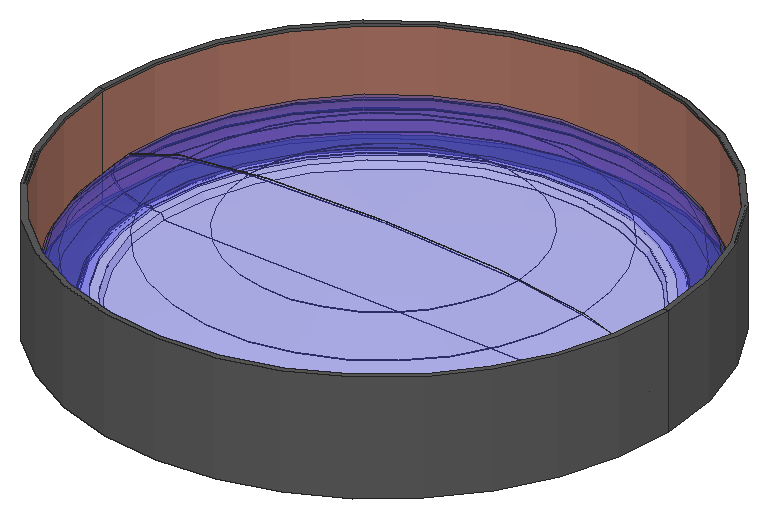
Revit family "BE_50790.6_de_DE", category Leuchten, Revit 2020
Family settings
  Basisbauteil = Fläche
  Bemaßung runder Anschluss = Durchmesser verwenden
  Teiletyp = Normal
  Beim Laden mit Abzugskörper schneiden = Ja
  Lichtquelle = Ja
  Gemeinsam genutzt = Nein
  Raumberechnungspunkt = Ja
Parameters (values of type "BEGA_50790.6_K3")
  built-in parameter 1150104 = 15.525 (stored number, unit not read)
  Wattage = 91.2 W
  Default Elevation = 0 mm
  built-in parameter 1150113 = 1 (stored number, unit not read)
  built-in parameter 1114218 = 1 (stored number, unit not read)
  Umgebungstemperatur = "25 °C"
  URL = "https://www.bega.com/de/produkt/50790.6"
  Typenkommentare = "© 2022 BEGA. Wir behalten uns das Recht vor, technische Änderungen ohne vorherige Ankündigung vorzunehmen."  # constant formula
  built-in parameter 1150134 = (empty or 0)
  built-in parameter 1150109 = 1 (stored number, unit not read)
  Strom = ""
  built-in parameter 1150110 = 1 (stored number, unit not read)
  Spannung = 239.996 V
  Sonderanfertigung = no
  Seriennummer [instance] = "Hier können Sie die eindeutige Seriennummer für das Facility Management eintragen."
  Schutzklasse = "I"
  Schutzart = "IP 20"
  Scheinlast = 0 VA
  Produktdatenblatt = "https://cdn.bega.com/bega/products/50790.6K3/current/documents/data-sheets/de"
  Oberflächentemperatur = ""
  Neigungswinkel = 0.00°
  Modell = "50790.6K3"
  Material_35 = BEGA_Oberfläche_Samtschwarz_matt
  Material_29 = BEGA_Oberfläche_Kupfer_matt
  Material_17 = BEGA_Reflektor
  Material_15 = BEGA_Leuchtmedium_matt
  Material_14 = BEGA_Kunststoff_opal
  Material_11 = BEGA_Glas_opal
  Material_09 = BEGA_Glas_klar
  Material_06 = BEGA_Oberfläche_Edelstahl_gebürstet
  Material_03 = BEGA_Oberfläche_Weiss_matt
  Material_02 = BEGA_Oberfläche_Silber_matt
  Material_01 [instance] = BEGA_Oberfläche_Grafit_matt
  M_W = no
  M_G = no
  M_A = no
  Logo = 0
  built-in parameter 1114217 = 1 (stored number, unit not read)
  built-in parameter 1150139 = (empty or 0)
  built-in parameter 1150105 = 1212.8 (stored number, unit not read)
  built-in parameter 1150114 = 1 (stored number, unit not read)
  Lumens = 15240.4 lm
  built-in parameter 1150115 = 1 (stored number, unit not read)
  Leuchtenlichtstrom = "10472 lm"
  Leuchtenanzahl = ""
  Lebensdauerkriterien = "L70B50 @ 25 °C = 200000 h"
  Lastklassifizierung = Beleuchtung
  built-in parameter 1150112 = 1 (stored number, unit not read)
  Lampenlichtstrom = "15240 lm"
  Lampe = "LED 91.2 W"
  LED_Modulbezeichnung = "4 x LED-0704/930"
  Hersteller = "BEGA"  # constant formula
  Halbstreuwinkel = ""
  Gewicht = "34.7 kg"
  Gebrauchslageneinschränkung [instance] = ""
  Frequenz = "0/50-60 Hz"
  Farbwiedergabeindex = "CRI > 90"
  Farbtemperaturverschiebung bei Dämpfen der Lampe = <Keine Auswahl>
  Farbtemperatur = "3000 K"
  Color Filter = 16777215
  built-in parameter 1150133 = 10 (stored number, unit not read)
  Energieeffizienzklasse = "LED A++ - A"
  built-in parameter 1150137 = (empty or 0)
  built-in parameter 1150132 = (empty or 0)
  ENEC = "ja"
  Dimmbar [instance] = "DALI"
  Datei für fotometrisches Netz = "BE_50790.6K3.IES"
  CE_Konformität = "ja"
  Bestellnummer = "50790.6K3"
  Beschreibung_Sonderanfertigung = "Hier können Sie Informationen zur Sonderanfertigung eintragen."
  Beschreibung = "Großflächen-Deckenleuchte"
  built-in parameter 1150106 = 12.128 (stored number, unit not read)
  Befestigungsbohrung = "Ø 10 mm"
  Befestigungsabstand = ""
  Ballwurfsicher = ""
  BEGA_Intern_aus = yes
  BEGA_Intern_an = yes
  BEGA_Intern_Konstruktion = yes
  BEGA_Intern = yes
  BEGA_IES = yes
  BEGA_Dummy = no
  Anschlussleitung = ""
  Anschlussleistung [instance] = "100 W"
  Anschlusskasten = ""
  built-in parameter 1150107 = 3000 (stored number, unit not read)
  built-in parameter 1150102 = (empty or 0)
  built-in parameter 1150138 = (empty or 0)
  Aktualisierung = "2022-05-19T04:00:07"
  Abstand_zur_angestrahlten_Fläche [instance] = ""
  AC/DC = "AC/DC"
Reference planes
  plane 1 "Mitte (Vorne/Hinten)": y = 0
  plane 2: z = 0
  plane 3 "Mitte (Links/Rechts)": x = 0
  plane 4 "Links": x = -523
  plane 5 "Rechts": x = 523
  plane 6 "Unten": y = -523
  plane 7 "Oben": y = 523
  plane 8 "Vorne": z = 202
  plane 9 "Hinten": z = 0
Forms (mm)
  Extrusion 1, solid, material "BEGA_Platte_Weiss"
    sketch origin (0, -1119.2, 0) x (1, 0, 0) y (0, 1, 0)
      loop
        line (-200, 1319.2) -> (-200, 919.2) -> (200, 919.2) -> (200, 1319.2) -> (-200, 1319.2)
    from 0 to -10
  Extrusion 2, solid, material "BEGA_Dummy_matt", visible <- "BEGA_Dummy"
    sketch origin (77.149, -76.023, 0) x (1, 0, 0) y (0, 1, 0)
      loop
        circle (-77.149, 76.023) r 523
    from 0 to 202
Dimensions and locks
  plane 1 "Mitte (Vorne/Hinten)" to Extrusion 1 = 200 mm
  aligned and locked: plane 2 to Extrusion 1
  aligned and locked: level to Extrusion 1
Nested families
  nested 1: "BE_50790.6" at (0, 0, 0), type "BE_50790.6"
Connectors
  electrical at (0, 0, 0), driven by "Lastklassifizierung", driven by "Spannung", driven by "Scheinlast"
    settings: index 1, voltage 239.996 V, apparent load 0 VA, apparent load phase1 0 VA, apparent load phase2 0 VA, apparent load phase3 0 VA, power factor 1, load classification "Beleuchtung", number of poles 1, system type 31, power factor state 1, is connector primary yes, connector utility no, sub classification motor no, connector description ""
Definition of nested family "BE_50790.6"
  Parameters (values of type "BE_50790.6")
    Default Elevation = 1 mm
    URL = "http://www.bega.de/de/produkt"
    Type Comments = "© 2015 BEGA. Wir behalten uns das Recht vor, technische Änderungen ohne vorherige Ankündigung vorzunehmen. "  # constant formula
    Type Image = (empty or 0)
    Neigungswinkel_um_Z2 = 0.00°
    Neigungswinkel_um_Z1 = 0.00°
    Neigungswinkel_um_Y2 = 0.00°
    Neigungswinkel_um_Y1 = 0.00°
    Neigungswinkel_um_X2 = 0.00°
    Neigungswinkel_um_X1 = 0.00°
    Material_35 = none
    Material_29 = none
    Material_17 = none
    Material_15 = none
    Material_14 = none
    Material_11 = none
    Material_09 = none
    Material_06 = none
    Material_03 = none
    Material_01 = none
    M_W = yes
    M_G = yes
    M_A = yes
    Länge_Platte = 200 mm  # constant formula
    Höhe_Platte = -10 mm  # constant formula
    Manufacturer = "BEGA"  # constant formula
    Drehwinkel_um_Z2 = 0.00°
    Drehwinkel_um_Z1 = 0.00°
    Breite_Platte = 200 mm  # constant formula
  Reference planes
    plane 1 "Mitte (Oben/Unten)": y = 0
    plane 2: z = 0
    plane 3 "Mitte (Links/Rechts)": x = 0
    plane 4: x = -523
    plane 5: y = 523
    plane 6: x = 523
    plane 7: y = -523
    plane 8: z = 202
  Forms (mm)
    Extrusion 1, solid, detail levels medium
      sketch origin (0, 0, 0) x (1, 0, 0) y (0, 1, 0)
        loop
          line (-100, 100) -> (-100, -100) -> (100, -100) -> (100, 100) -> (-100, 100)
      from 0 to -10 <- "Höhe_Platte"
    Revolve 2, solid, material <- "Material_14"
      sketch origin (0, 0, 0) x (1, 0, 0) y (0, 0, 1)
        loop
          spline (0, 166.35) -> (-76.742, 165.653) -> (-147.834, 163.564) -> (-213.002, 160.092) -> (-271.998, 155.249) -> (-324.596, 149.055) -> (-370.595, 141.533) -> (-409.819, 132.711) -> (-442.118, 122.624) -> (-467.369, 111.31) -> (-485.474, 98.812) -> (-496.365, 85.179) -> (-500, 70.461)
          spline (-500, 70.461) -> (-499.535, 66.123) -> (-498.145, 61.843) -> (-495.847, 57.673) -> (-492.666, 53.658) -> (-488.64, 49.846) -> (-483.814, 46.28) -> (-478.245, 43.002) -> (-471.996, 40.05) -> (-465.139, 37.456) -> (-457.754, 35.252) -> (-449.925, 33.462) -> (-441.743, 32.107)
          line (-441.743, 32.107) -> (-438.5, 35.35) -> (-423.5, 35.35) -> (-423.5, 39.35) -> (-440.157, 39.35) -> (-443.405, 36.102)
          arc (-443.405, 36.102) -> (-459.451, 39.674) -> (-474.751, 45.686) r 105.952
          arc (-474.751, 45.686) -> (-482.866, 50.802) -> (-490.239, 56.938) r 72.943
          arc (-490.239, 56.938) -> (-494.513, 63.104) -> (-495.979, 70.461) r 18.451
          arc (-495.979, 70.461) -> (-493.909, 81.385) -> (-488.138, 90.887) r 31.179
          arc (-488.138, 90.887) -> (-478.134, 100.128) -> (-466.493, 107.198) r 68.205
          arc (-466.493, 107.198) -> (-415.749, 126.951) -> (-362.635, 138.95) r 365.661
          arc (-362.635, 138.95) -> (-305.387, 147.851) -> (-247.747, 153.698) r 1090.224
          arc (-247.747, 153.698) -> (-123.959, 160.478) -> (0, 162.35) r 3129.52
          line (0, 162.35) -> (0, 166.35)
        axis (0, 166.35) -> (0, 32.107)
      angle from 0 to 360
    Revolve 3, solid, material <- "Material_35"
      sketch origin (0, 0, 0) x (1, 0, 0) y (0, 0, 1)
        loop
          line (-523, 202) -> (-523, 2) -> (-519, 2) -> (-519, 7) -> (0, 7) -> (0, 11) -> (-519, 11) -> (-519, 198.5) -> (-514, 198.5) -> (-514, 202) -> (-523, 202)
        axis (0, 202) -> (0, 2)
      angle from 0 to 360
    Revolve 4, solid, material <- "Material_29"
      sketch origin (0, 0, 0) x (1, 0, 0) y (0, 0, 1)
        loop
          line (-517.5, 198.5) -> (-519, 198.5) -> (-519, 18.5) -> (-517.5, 18.5) -> (-517.5, 198.5)
        axis (0, 198.5) -> (0, 18.5)
      angle from 0 to 360
    Revolve 5, solid, material <- "Material_03"
      sketch origin (0, 0, 0) x (1, 0, 0) y (0, 0, 1)
        loop
          line (-438.471, 13.35) -> (-437.933, 33.895) -> (-410.335, 33.895) -> (-404.536, 23.85) -> (0, 23.85) -> (0, 25.35) -> (-403.67, 25.35) -> (-409.444, 35.35) -> (-439.396, 35.35) -> (-439.972, 13.35) -> (-438.471, 13.35)
        axis (0, 35.35) -> (0, 13.35)
      angle from 0 to 360
    Extrusion 6, solid, material <- "Material_35"
      sketch origin (0, 0, 0) x (1, 0, 0) y (0, 1, 0)
        loop
          circle (342.08, -197.5) r 10
        loop
          circle (342.08, -197.5) r 15
        loop
          circle (0, -395) r 10
        loop
          circle (0, -395) r 15
        loop
          circle (0, 395) r 10
        loop
          circle (0, 395) r 15
        loop
          circle (342.08, 197.5) r 10
        loop
          circle (342.08, 197.5) r 15
        loop
          circle (-342.08, -197.5) r 10
        loop
          circle (-342.08, -197.5) r 15
        loop
          circle (-342.08, 197.5) r 10
        loop
          circle (-342.08, 197.5) r 15
      from 0 to 2
  Dimensions and locks
    equal spacing: Extrusion 1 sketch curve, plane 3 "Mitte (Links/Rechts)", Extrusion 1 sketch curve
    equal spacing: Extrusion 1 sketch curve, plane 1 "Mitte (Oben/Unten)", Extrusion 1 sketch curve
    "Länge_Platte": Extrusion 1 sketch curve to Extrusion 1 sketch curve
    "Breite_Platte": Extrusion 1 sketch curve to Extrusion 1 sketch curve
    aligned and locked: plane 2 to Extrusion 1
    aligned and locked: level to Extrusion 1
  Automatic sketch dimensions
    Revolve 2 sketch curve to plane 3 "Mitte (Links/Rechts)" = 0 mm
    Revolve 2 sketch curve to plane 3 "Mitte (Links/Rechts)" = 14.74 mm
    Revolve 2 sketch curve to plane 3 "Mitte (Links/Rechts)" = 166.575 mm
    Revolve 2 sketch curve to plane 3 "Mitte (Links/Rechts)" = 308.84 mm
    level to Revolve 2 sketch curve = 140.997 mm
    Revolve 2 sketch curve to Revolve 2 sketch curve = 119.633 mm
    level to Revolve 2 sketch curve = 45.658 mm
    Revolve 2 sketch curve to Revolve 2 sketch curve = 8.614 mm
    Revolve 2 sketch curve to Revolve 2 sketch curve = 1.413 mm
    Revolve 2 sketch curve to Revolve 2 sketch curve = 11.517 mm
    level to Revolve 2 sketch curve = 39.35 mm
    Revolve 2 sketch curve to Revolve 2 sketch curve = 1.657 mm
    level to Revolve 2 sketch curve = 32.107 mm
    Revolve 2 sketch curve to Revolve 2 sketch curve = 3.243 mm
    level to Revolve 2 sketch curve = 36.102 mm
    Revolve 2 sketch curve to Revolve 2 sketch curve = 1.662 mm
    Revolve 2 sketch curve to Revolve 2 sketch curve = 27.713 mm
    Revolve 2 sketch curve to Revolve 2 sketch curve = 12.728 mm
    Revolve 2 sketch curve to level = 222.732 mm
    Revolve 2 sketch curve to Revolve 2 sketch curve = 710.767 mm
    Revolve 2 sketch curve to Revolve 2 sketch curve = 4 mm
    Revolve 2 sketch curve to Revolve 2 sketch curve = 24.553 mm
    Revolve 2 sketch curve to Revolve 2 sketch curve = 0.102 mm
    Revolve 2 sketch curve to Revolve 2 sketch curve = 31.183 mm
    level to Revolve 2 sketch curve = 153.698 mm
    Revolve 2 sketch curve to Revolve 2 sketch curve = 0 mm  (x5)
    Revolve 2 sketch curve to Revolve 2 sketch curve = 98.643 mm
    Revolve 2 sketch curve to Revolve 2 sketch curve = 65.838 mm
    Revolve 2 sketch curve to Revolve 2 sketch curve = 17.866 mm
    Revolve 2 sketch curve to Revolve 2 sketch curve = 15 mm
    Revolve 2 sketch curve to Revolve 2 sketch curve = 2.777 mm
    Revolve 2 sketch curve to Revolve 2 sketch curve = 4.021 mm
    Revolve 2 sketch curve to level = 198.184 mm
    plane 3 "Mitte (Links/Rechts)" to Revolve 2 sketch curve = 1400.815 mm
    Revolve 2 sketch curve to level = 471.282 mm
    Revolve 2 sketch curve to Revolve 2 sketch curve = 385.082 mm
    Revolve 3 sketch curve to plane 3 "Mitte (Links/Rechts)" = 523 mm
    Revolve 3 sketch curve to Revolve 3 sketch curve = 9 mm  (x2)
    level to Revolve 3 sketch curve = 2 mm
    Revolve 3 sketch curve to Revolve 3 sketch curve = 4 mm  (x2)
    Revolve 3 sketch curve to Revolve 3 sketch curve = 3.5 mm
    Revolve 3 sketch curve to plane 3 "Mitte (Links/Rechts)" = 0 mm
    Revolve 3 sketch curve to Revolve 3 sketch curve = 5 mm
    Revolve 3 sketch curve to Revolve 3 sketch curve = 191 mm
    level to Revolve 4 sketch curve = 198.5 mm
    Revolve 4 sketch curve to plane 3 "Mitte (Links/Rechts)" = 519 mm
    Revolve 4 sketch curve to Revolve 4 sketch curve = 1.5 mm
    level to Revolve 4 sketch curve = 18.5 mm
    level to Revolve 5 sketch curve = 13.35 mm
    Revolve 5 sketch curve to Revolve 5 sketch curve = 1.501 mm
    Revolve 5 sketch curve to Revolve 5 sketch curve = 29.028 mm
    Revolve 5 sketch curve to Revolve 5 sketch curve = 22 mm
    Revolve 5 sketch curve to Revolve 5 sketch curve = 0.576 mm
    Revolve 5 sketch curve to Revolve 5 sketch curve = 1.462 mm
    Revolve 5 sketch curve to Revolve 5 sketch curve = 1.455 mm
    Revolve 5 sketch curve to Revolve 5 sketch curve = 0.892 mm
    Revolve 5 sketch curve to Revolve 5 sketch curve = 4.908 mm
    Revolve 5 sketch curve to Revolve 5 sketch curve = 0.866 mm
    Revolve 5 sketch curve to Revolve 5 sketch curve = 404.536 mm
    level to Revolve 5 sketch curve = 23.85 mm
    Revolve 5 sketch curve to plane 3 "Mitte (Links/Rechts)" = 0 mm  (x2)
    Revolve 5 sketch curve to Revolve 5 sketch curve = 1.5 mm
    Revolve 5 sketch curve to level = 413.745 mm
    Revolve 5 sketch curve to Revolve 5 sketch curve = 759.518 mm
    Extrusion 6 sketch curve to Extrusion 6 sketch curve = 0 mm  (x13)
    Extrusion 6 sketch curve to plane 3 "Mitte (Links/Rechts)" = 0 mm  (x2)
    Extrusion 6 sketch curve to plane 3 "Mitte (Links/Rechts)" = 342.08 mm  (x2)
    plane 3 "Mitte (Links/Rechts)" to Extrusion 6 sketch curve = 342.08 mm  (x2)
    plane 1 "Mitte (Oben/Unten)" to Extrusion 6 sketch curve = 197.5 mm  (x2)
    Extrusion 6 sketch curve to plane 1 "Mitte (Oben/Unten)" = 197.5 mm  (x2)
    Extrusion 6 sketch curve to Extrusion 6 sketch curve = 197.5 mm  (x2)
    radius of Extrusion 6 sketch curve = 10 mm  (x6)
    radius of Extrusion 6 sketch curve = 15 mm  (x6)
